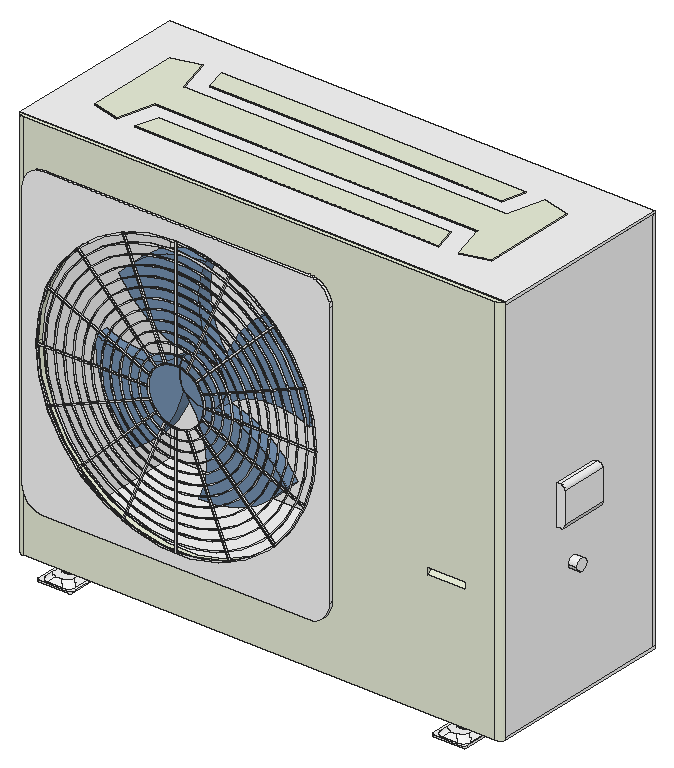
Revit family "MHC-V5(7,9,12,14,16)WD2N8-C", category Mechanical Equipment, Revit 2013
Parameters (values of type "MHC-V16WD2N8-C")
  clearance access right = 500.000 mm
  clearance access left = 500.000 mm
  clearance access front = 1500.000 mm
  clearance access behind = 300.000 mm
  clearance [instance] = no
  Width = 1040.000 mm
  Water piping connections = 31.750 mm
  URL = "https://mbt.midea.com"
  Series = "M thermal Power\r\nM thermal Power\r\nM thermal Power"
  Power supply = "220-240V 1N~50Hz"
  Net Weight = 106.00 kg
  Model = "MHC-V16WD2N8-C"
  Minimum Circuit Amps = 28 A
  Min cable selection (power wiring) = "6mm2"
  Manufacturer = "Midea"
  MOP (Maximum overcurrent protection) = 6 A
  Installation = "Outdoor installation"
  Height = 865.000 mm
  Heating capacity (EWT 40⁰C, LWT 45⁰C) = 16.20 kW
  Heating capacity (EWT 30⁰C, LWT 35⁰C) = 16.00 kW
  Heating Power Input (EWT 40⁰C, LWT 45⁰C) = 4.70 kW
  Heating Power Input (EWT 30⁰C, LWT 35⁰C) = 3.56 kW
  Gas = "R32"
  Description = "Heat pump"
  Depth = 410.000 mm
  Cooling capacity (EWT 23⁰C, LWT 18⁰C) = 15.40 kW
  Cooling capacity (EWT 12⁰C, LWT 7⁰C) = 14.00 kW
  Cooling Power Input(EWT 12⁰C, LWT 7⁰C) = 4.83 kW
  Cooling Power Input (EWT 23⁰C, LWT 18⁰C) = 3.67 kW
  Condensation = "air"
  Compressor = "1"
  Casing color = "SB2403"
  Air Flow = 5200.00 m³/h
Types (7, lengths in mm): name | clearance access front | Water piping connections | Net Weight | Model | Minimum Circuit Amps | Min cable selection (power wiring) | MOP (Maximum overcurrent protection) | Heating capacity (EWT 40⁰C, LWT 45⁰C) | Heating capacity (EWT 30⁰C, LWT 35⁰C) | Heating Power Input (EWT 40⁰C, LWT 45⁰C) | Heating Power Input (EWT 30⁰C, LWT 35⁰C) | Cooling capacity (EWT 23⁰C, LWT 18⁰C) | Cooling capacity (EWT 12⁰C, LWT 7⁰C) | Cooling Power Input(EWT 12⁰C, LWT 7⁰C) | Cooling Power Input (EWT 23⁰C, LWT 18⁰C) | Air Flow
  (no name) | 1500.000 | 31.750 | 106.00 kg | "MHC-V16WD2N8-C" | 28 A | "6mm2" | 6 A | 16.20 kW | 16.00 kW | 4.70 kW | 3.56 kW | 15.40 kW | 14.00 kW | 4.83 kW | 3.67 kW | 5200.00 m³/h
  MHC-V5WD2N8-C | 1000.000 | 25.400 | 87.00 kg | "MHC-V5WD2N8-C" | 13 A | "4mm2" | 4 A | 6.60 kW | 6.50 kW | 1.65 kW | 1.23 kW | 6.50 kW | 5.50 kW | 1.69 kW | 1.28 kW | 3900.00 m³/h
  MHC-V7WD2N8-C | 1000.000 | 25.400 | 87.00 kg | "MHC-V7WD2N8-C" | 14.5 A | "4mm2" | 4 A | 8.50 kW | 8.40 kW | 2.24 kW | 1.66 kW | 8.30 kW | 7.40 kW | 2.53 kW | 1.71 kW | 4500.00 m³/h
  MHC-V9WD2N8-C | 1000.000 | 25.400 | 87.00 kg | "MHC-V9WD2N8-C" | 16 A | "4mm2" | 4 A | 10.20 kW | 10.00 kW | 2.80 kW | 2.22 kW | 10.00 kW | 9.00 kW | 3.10 kW | 2.33 kW | 4500.00 m³/h
  MHC-V12WD2N8-C | 1500.000 | 25.400 | 106.00 kg | "MHC-V12WD2N8-C" | 25 A | "4mm2" | 6 A | 12.50 kW | 12.20 kW | 3.39 kW | 2.49 kW | 12.20 kW | 11.60 kW | 3.74 kW | 2.65 kW | 5200.00 m³/h
  MHC-V14WD2N8-C | 1500.000 | 31.750 | 106.00 kg | "MHC-V14WD2N8-C" | 26.5 A | "6mm2" | 6 A | 14.50 kW | 14.10 kW | 4.09 kW | 3.00 kW | 13.90 kW | 13.40 kW | 4.57 kW | 3.16 kW | 5200.00 m³/h
  MHC-V16WD2N8-C | 1500.000 | 31.750 | 106.00 kg | "MHC-V16WD2N8-C" | 28 A | "6mm2" | 6 A | 16.20 kW | 16.00 kW | 4.70 kW | 3.56 kW | 15.40 kW | 14.00 kW | 4.83 kW | 3.67 kW | 5200.00 m³/h
Reference planes
  plane 1 "Center (Front/Back)": y = 0
  plane 2: z = 0
  plane 3 "Center (Left/Right)": x = 0
  plane 4: y = 214.5
  plane 5: y = -195.5
  plane 6: x = -520
  plane 7: x = 520
  plane 8: z = 865
  plane 9: z = 289.5
  plane 10: z = 408
Forms (mm)
  Extrusion 1, solid, material "Galvanized Steel", detail levels medium+fine
    sketch origin (-463, -26, 789) x (1, 0, 0) y (0, 1, 0)
      loop
        arc (-56.784, -159.5) -> (-50.511, -166.783) -> (-41.292, -169.5) r 17
        line (-41.292, -169.5) -> (967.292, -169.5)
        arc (967.292, -169.5) -> (976.511, -166.783) -> (982.784, -159.5) r 17
        line (982.784, -159.5) -> (-56.784, -159.5)
    from -765 to 76
  Extrusion 2, void
    sketch origin (-50, 0, 40) x (1, 0, 0) y (0, 0, 1)
      loop
        circle (-122.999, 406.499) r 300
    from 185.5 to 195.5
  Extrusion 3, solid, material "Galvanized Steel", detail levels fine
    sketch origin (0, 0, 0) x (1, 0, 0) y (0, 1, 0)
      loop
        line (-436.632, 111.286) -> (-436.632, -88.714) -> (-378.677, -104.243) -> (-357.971, -26.969) -> (-23.528, -26.969) -> (334.444, -26.969) -> (355.149, -104.243) -> (413.105, -88.714) -> (413.105, 111.286) -> (355.149, 126.816) -> (334.444, 49.542) -> (-23.528, 49.542) -> (-357.971, 49.542) -> (-378.677, 126.816) -> (-436.632, 111.286)
      loop
        line (-337.266, 126.816) -> (-324.511, 79.213) -> (-23.528, 79.213) -> (300.983, 79.213) -> (313.738, 126.816) -> (-23.528, 126.816) -> (-337.266, 126.816)
      loop
        line (-337.266, -106.816) -> (-23.528, -106.816) -> (313.738, -106.816) -> (300.983, -59.213) -> (-23.528, -59.213) -> (-324.511, -59.213) -> (-337.266, -106.816)
    from 865 to 867
  Extrusion 4, solid, material "HXL White", detail levels fine
    sketch origin (120, 0, 92.706) x (1, 0, 0) y (0, 0, 1)
      loop
        line (400, 367.163) -> (400, 282.163) -> (410, 282.163)
        arc (410, 282.163) -> (417.071, 285.092) -> (420, 292.163) r 10
        line (420, 292.163) -> (420, 357.163)
        arc (420, 357.163) -> (417.071, 364.234) -> (410, 367.163) r 10
        line (410, 367.163) -> (400, 367.163)
    from -49.542 to 50
  Extrusion 5, void
    sketch origin (0, 0, 0) x (0, 1, 0) y (0, 0, 1)
      loop
        line (-214.5, 305.5) -> (-214.5, 270.5) -> (-179.5, 305.5) -> (-214.5, 305.5)
    from 361 to 443.051
  Extrusion 6, solid, material "HXL White", detail levels fine
    sketch origin (0, 0, -105) x (1, 0, 0) y (0, 0, 1)
      loop
        circle (184.136, 289.5) r 12.5
    from -241.5 to -192.422
  Extrusion 7, solid, material "HXL White", detail levels fine
    sketch origin (500, 500, 0) x (0, -1, 0) y (0, 0, -1)
      loop
        circle (505.866, -289.5) r 12.5
    from 20 to 40
  Extrusion 8, solid, material "HXL White", detail levels fine
    sketch origin (85, 0, -105) x (1, 0, 0) y (0, 0, 1)
      loop
        circle (184.136, 289.5) r 12.5
    from -241.5 to -192.422
  Extrusion 9, solid, material "HXL White", detail levels fine
    sketch origin (399.723, -195.5, 789) x (-1, 0, 0) y (0, 0, -1)
      loop
        arc (856.972, 10.248) -> (890.03, 23.942) -> (903.723, 57) r 46.752
        line (903.723, 57) -> (903.723, 623.497)
        arc (903.723, 623.497) -> (890.03, 656.555) -> (856.972, 670.248) r 46.752
        line (856.972, 670.248) -> (290.475, 670.248)
        arc (290.475, 670.248) -> (257.417, 656.555) -> (243.723, 623.497) r 46.752
        line (243.723, 623.497) -> (243.723, 57)
        arc (243.723, 57) -> (257.417, 23.942) -> (290.475, 10.248) r 46.752
        line (290.475, 10.248) -> (856.972, 10.248)
    from 0 to 5
  Extrusion 10, void
    sketch origin (399.723, -200.5, 789) x (1, 0, 0) y (0, 0, -1)
      loop
        arc (-272.722, 342.5) -> (-572.722, 642.5) -> (-872.722, 342.501) r 300
        arc (-872.722, 342.501) -> (-572.723, 42.501) -> (-272.722, 342.5) r 300
    from 0 to 5
Cuts and joins
  Extrusion 2, Extrusion 5, Extrusion 10 cuts Extrusion 1
  Extrusion 10 cuts Extrusion 9
Lines and regions (mm)
  model lines
    curve 1: line (-520, 214.5, 865) -> (-520, -185.5, 865)
    curve 2: line (520, 214.5, 865) -> (-520, 214.5, 865)
    curve 3: line (520, -185.5, 865) -> (520, 214.5, 865)
    curve 4: line (-520, -185.5, 865) -> (520, -185.5, 865)
    curve 5: line (-520, 214.5, 24) -> (-520, -185.5, 24)
    curve 6: line (520, 214.5, 24) -> (-520, 214.5, 24)
    curve 7: line (520, -185.5, 24) -> (520, 214.5, 24)
    curve 8: line (-520, -185.5, 24) -> (520, -185.5, 24)
    curve 9: line (504, -185.5, 712) -> (504, -185.5, 24)
    curve 10: line (-504, -185.5, 24) -> (-504, -185.5, 712)
    curve 11: line (520, 214.5, 865) -> (520, 214.5, 24)
    curve 12: line (-520, 214.5, 24) -> (-520, 214.5, 865)
Dimensions and locks
  aligned and locked: level to plane 2
Nested families
  nested 1: "pingban-HXL" at (-520, 214.5, 29), type "pingban-HXL", detail levels medium+fine
    with Width 1040.000 mm, Height 831.000 mm, Depth 5.000 mm
  nested 2: "pingban-HXL" at (-520, -185.5, 29) x (0, 1, 0) z (0, 0, 1), type "pingban-HXL", detail levels medium+fine
    with Width 395.000 mm, Height 831.000 mm, Depth 5.000 mm
  nested 3: "pingban-HXL" at (520, 209.5, 29) x (0, -1, 0) z (0, 0, 1), type "pingban-HXL", detail levels medium+fine
    with Width 395.000 mm, Height 831.000 mm, Depth 5.000 mm
  nested 4: "xiaodijia2" at (423, 10, 0), type "xiaodijia2", detail levels medium+fine
  nested 5: "pingban-HXL" at (-520, 214.5, 24), type "pingban-HXL", detail levels medium+fine
    with Width 1040.000 mm, Height 5.000 mm, Depth 400.000 mm
  nested 6: "pingban-HXL" at (-520, 214.5, 860), type "pingban-HXL", detail levels medium+fine
    with Width 1040.000 mm, Height 5.000 mm, Depth 400.000 mm
  nested 7: "service space" at (-520, 214.5, 0), visible <- "clearance", Height <- "Height", type "Midea Service  Space"
    with Width 1040.000 mm, Height 865.000 mm, Depth 300.000 mm
  nested 8: "service space" at (-520, -1695.5, 0), visible <- "clearance", Height <- "Height", type "Midea Service  Space"
    with Width 1040.000 mm, Height 865.000 mm, Depth 1500.000 mm
  nested 9: "fengkou300+" at (-172.999, -202.5, 446.5) x (1, 0, 0) z (0, 1, 0), type "fengkou300+", detail levels medium+fine
  nested 10: "fengshan230" at (-172.999, -130, 446.5) x (-1, 0, 0) z (0, 1, 0), type "fengshan230", detail levels fine
  nested 11: "xiaodijia2" at (-423, 10, 0) x (-1, 0, 0) z (0, 0, 1), type "xiaodijia2", detail levels medium+fine
  nested 12: "service space" at (-1020, -195.5, 0), visible <- "clearance", Height <- "Height", type "Midea Service  Space"
    with Width 500.000 mm, Height 865.000 mm, Depth 410.000 mm
  nested 13: "service space" at (520, -195.5, 0), visible <- "clearance", Height <- "Height", type "Midea Service  Space"
    with Width 500.000 mm, Height 865.000 mm, Depth 410.000 mm
Connectors
  electrical at (540, -0.229, 417.369)
    settings: on Extrusion 4, index 1, voltage 220 V, apparent load 0 VA, apparent load phase1 0 VA, apparent load phase2 0 VA, apparent load phase3 0 VA, power factor 1, load classification "HVAC", number of poles 1, system type 30, power factor state 1, is connector primary yes, connector utility no, sub classification motor no, connector description ""
  piping at (184.136, 241.5, 184.5)
    settings: on Extrusion 6, index 3, connector radius 1/2", flow factor 0, pipe flow 0 GPM, pressure drop 0.00 psi, fitting loss kfactor 0, connector angle 0.00°, fixture units 0, engagement length 0.000 mm, flow configuration 0, flow direction 0, fitting loss method 0, system type 7, joint type 0, gender type 0, connector reference index -1, connector utility 0, adjustable connector no, is connector primary yes, fitting loss table "", connector description "Water piping connections"
  piping at (269.136, 241.5, 184.5)
    settings: on Extrusion 8, index 4, connector radius 1/2", flow factor 0, pipe flow 0 GPM, pressure drop 0.00 psi, fitting loss kfactor 0, connector angle 0.00°, fixture units 0, engagement length 0.000 mm, flow configuration 0, flow direction 0, fitting loss method 0, system type 7, joint type 0, gender type 0, connector reference index -1, connector utility 0, adjustable connector no, is connector primary no, fitting loss table "", connector description "Water piping connections"
Definition of nested family "pingban-HXL"
  Parameters (values of type "pingban-HXL")
    Width [instance] = 65.000 mm
    Series = ""
    Machine material = Midea White
    Installation = ""
    Height [instance] = 100.000 mm
    Gas = ""
    Depth [instance] = 5.000 mm
    Condensation = ""
  Reference planes
    plane 1 "Center (Front/Back)": y = 0
    plane 2: z = 0
    plane 3 "Center (Left/Right)": x = 0
    plane 4: z = 160
    plane 5: x = 65
  Forms (mm)
    Extrusion 1, solid, material "Midea White" <- "Machine material"
      sketch origin (0, 0, 0) x (1, 0, 0) y (0, 0, 1)
        loop
          line (0, 100) -> (0, 0) -> (65, 0) -> (65, 100) -> (0, 100)
      from 0 to 5
  Dimensions and locks
    "Width": Extrusion 1 to plane 3 "Center (Left/Right)"
    "Height": Extrusion 1 to level
    "Depth": Extrusion 1 to plane 1 "Center (Front/Back)"
    aligned and locked: level to plane 2
  Automatic sketch dimensions
    Extrusion 1 sketch curve to plane 3 "Center (Left/Right)" = 0.000 mm
    Extrusion 1 sketch curve to level = 0.000 mm
    Extrusion 1 sketch curve to plane 5 = 0.000 mm
    Extrusion 1 sketch curve to plane 4 = 60.000 mm
Definition of nested family "xiaodijia2"
  Reference planes
    plane 1 "Center (Front/Back)": y = 0
    plane 2: z = 0
    plane 3 "Center (Left/Right)": x = 0
    plane 4: y = 227
    plane 5: x = -36.5
    plane 6: x = 36.5
    plane 7: z = 12
    plane 8: z = 3
    plane 9: z = 24
    plane 10: y = -20
    plane 11: y = 20
    plane 12: x = 21.5
    plane 13: x = -21.5
    plane 14: y = 190
    plane 15: y = -190
    plane 16: x = -6
    plane 17: x = 6
    plane 18: y = -186
    plane 19: y = -194
  Forms (mm)
    Blend 1, solid, material "HXL White"
      base sketch origin (0, 0, 0) x (1, 0, 0) y (0, 1, 0)
        loop
          line (6.5, 212) -> (-6.5, 212)
          arc (-6.5, 212) -> (-17.107, 207.607) -> (-21.5, 197) r 15
          line (-21.5, 197) -> (-21.5, -197)
          arc (-21.5, -197) -> (-17.107, -207.607) -> (-6.5, -212) r 15
          line (-6.5, -212) -> (6.5, -212)
          arc (6.5, -212) -> (17.107, -207.607) -> (21.5, -197) r 15
          line (21.5, -197) -> (21.5, 197)
          arc (21.5, 197) -> (17.107, 207.607) -> (6.5, 212) r 15
      top sketch origin (0, 0, 0) x (1, 0, 0) y (0, 1, 0)
        loop
          line (26.5, 222) -> (-26.5, 222)
          arc (-26.5, 222) -> (-30.036, 220.536) -> (-31.5, 217) r 5
          line (-31.5, 217) -> (-31.5, -207)
          arc (-31.5, -207) -> (-27.107, -217.607) -> (-16.5, -222) r 15
          line (-16.5, -222) -> (16.5, -222)
          arc (16.5, -222) -> (27.107, -217.607) -> (31.5, -207) r 15
          line (31.5, -207) -> (31.5, 217)
          arc (31.5, 217) -> (30.036, 220.536) -> (26.5, 222) r 5
      from 12 to 3
    Blend 2, void
      base sketch origin (0, 0, 0) x (1, 0, 0) y (0, 1, 0)
        loop
          line (6.5, 202) -> (-6.5, 202)
          arc (-6.5, 202) -> (-10.036, 200.536) -> (-11.5, 197) r 5
          line (-11.5, 197) -> (-11.5, -197)
          arc (-11.5, -197) -> (-10.036, -200.536) -> (-6.5, -202) r 5
          line (-6.5, -202) -> (6.5, -202)
          arc (6.5, -202) -> (10.036, -200.536) -> (11.5, -197) r 5
          line (11.5, -197) -> (11.5, 197)
          arc (11.5, 197) -> (10.036, 200.536) -> (6.5, 202) r 5
      top sketch origin (0, 0, 0) x (1, 0, 0) y (0, 1, 0)
        loop
          line (31.5, -207) -> (31.5, 217)
          arc (31.5, 217) -> (30.036, 220.536) -> (26.5, 222) r 5
          line (26.5, 222) -> (-26.5, 222)
          arc (-26.5, 222) -> (-30.036, 220.536) -> (-31.5, 217) r 5
          line (-31.5, 217) -> (-31.5, -207)
          arc (-31.5, -207) -> (-27.107, -217.607) -> (-16.5, -222) r 15
          line (-16.5, -222) -> (16.5, -222)
          arc (16.5, -222) -> (27.107, -217.607) -> (31.5, -207) r 15
      from 8.355 to 3
    Extrusion 3, solid, material "HXL White"
      sketch origin (0, 0, 0) x (1, 0, 0) y (0, 1, 0)
        loop
          arc (-31.5, 227) -> (-35.036, 225.536) -> (-36.5, 222) r 5
          line (-36.5, 222) -> (-36.5, -222)
          arc (-36.5, -222) -> (-35.036, -225.536) -> (-31.5, -227) r 5
          line (-31.5, -227) -> (31.5, -227)
          arc (31.5, -227) -> (35.036, -225.536) -> (36.5, -222) r 5
          line (36.5, -222) -> (36.5, 222)
          arc (36.5, 222) -> (35.036, 225.536) -> (31.5, 227) r 5
          line (31.5, 227) -> (-31.5, 227)
        loop
          arc (-26.5, 222) -> (-30.036, 220.536) -> (-31.5, 217) r 5
          line (-31.5, 217) -> (-31.5, -207)
          arc (-31.5, -207) -> (-27.107, -217.607) -> (-16.5, -222) r 15
          line (-16.5, -222) -> (16.5, -222)
          arc (16.5, -222) -> (27.107, -217.607) -> (31.5, -207) r 15
          line (31.5, -207) -> (31.5, 217)
          arc (31.5, 217) -> (30.036, 220.536) -> (26.5, 222) r 5
          line (26.5, 222) -> (-26.5, 222)
      from 0 to 3
    Extrusion 4, solid, material "HXL White"
      sketch origin (0, 0, 0) x (0, 1, 0) y (0, 0, 1)
        loop
          arc (-19.275, 24) -> (-19.902, 23.667) -> (-20.264, 23.056) r 1.312
          line (-20.264, 23.056) -> (-22.833, 13.434)
          arc (-22.833, 13.434) -> (-23.437, 12.605) -> (-24.266, 12) r 3.318
          line (-24.266, 12) -> (24.266, 12)
          arc (24.266, 12) -> (23.437, 12.605) -> (22.833, 13.434) r 3.318
          line (22.833, 13.434) -> (20.264, 23.056)
          arc (20.264, 23.056) -> (19.902, 23.667) -> (19.275, 24) r 1.312
          line (19.275, 24) -> (-19.275, 24)
      from -21.5 to 21.5
    Extrusion 5, solid, material "HXL White"
      sketch origin (0, 150, 0) x (0, 1, 0) y (0, 0, 1)
        loop
          arc (-19.275, 24) -> (-19.902, 23.667) -> (-20.264, 23.056) r 1.312
          line (-20.264, 23.056) -> (-22.833, 13.434)
          arc (-22.833, 13.434) -> (-23.437, 12.605) -> (-24.266, 12) r 3.318
          line (-24.266, 12) -> (24.266, 12)
          arc (24.266, 12) -> (23.437, 12.605) -> (22.833, 13.434) r 3.318
          line (22.833, 13.434) -> (20.264, 23.056)
          arc (20.264, 23.056) -> (19.902, 23.667) -> (19.275, 24) r 1.312
          line (19.275, 24) -> (-19.275, 24)
      from -21.5 to 21.5
    Extrusion 6, solid, material "HXL White"
      sketch origin (0, -150, 0) x (0, 1, 0) y (0, 0, 1)
        loop
          arc (-19.275, 24) -> (-19.902, 23.667) -> (-20.264, 23.056) r 1.312
          line (-20.264, 23.056) -> (-22.833, 13.434)
          arc (-22.833, 13.434) -> (-23.437, 12.605) -> (-24.266, 12) r 3.318
          line (-24.266, 12) -> (24.266, 12)
          arc (24.266, 12) -> (23.437, 12.605) -> (22.833, 13.434) r 3.318
          line (22.833, 13.434) -> (20.264, 23.056)
          arc (20.264, 23.056) -> (19.902, 23.667) -> (19.275, 24) r 1.312
          line (19.275, 24) -> (-19.275, 24)
      from -21.5 to 21.5
    Extrusion 7, void
      sketch origin (0, 0, 0) x (1, 0, 0) y (0, 1, 0)
        loop
          arc (-6, -186) -> (-10, -190) -> (-6, -194) r 4
          line (-6, -194) -> (6, -194)
          arc (6, -194) -> (10, -190) -> (6, -186) r 4
          line (6, -186) -> (-6, -186)
        loop
          line (-6, 186) -> (6, 186)
          arc (6, 186) -> (10, 190) -> (6, 194) r 4
          line (6, 194) -> (-6, 194)
          arc (-6, 194) -> (-10, 190) -> (-6, 186) r 4
      from 0 to 20
  Cuts and joins
    Blend 2, Extrusion 7 cuts Blend 1
  Dimensions and locks
    aligned and locked: level to plane 2
Definition of nested family "service space"
  Parameters (values of type "Midea Service  Space")
    Width [instance] = 500.000 mm
    Height [instance] = 500.000 mm
    Depth [instance] = 500.000 mm
  Reference planes
    plane 1 "Center (Front/Back)": y = 0
    plane 2: z = 0
    plane 3 "Center (Left/Right)": x = 0
    plane 4: z = 500
    plane 5: y = 500
    plane 6: x = 500
  Forms (mm)
    Extrusion 1, solid, material "Midea Service Space-HDY"
      sketch origin (0, 0, 0) x (1, 0, 0) y (0, 1, 0)
        loop
          line (0, 500) -> (0, 0) -> (500, 0) -> (500, 500) -> (0, 500)
      from 0 to 500
  Dimensions and locks
    "Width": plane 3 "Center (Left/Right)" to plane 6
    "Depth": plane 5 to plane 1 "Center (Front/Back)"
    "Height": level to plane 4
    aligned and locked: level to plane 2
    aligned and locked: plane 5 to Extrusion 1
    aligned and locked: Extrusion 1 to plane 6
    aligned and locked: Extrusion 1 to plane 3 "Center (Left/Right)"
    aligned and locked: plane 1 "Center (Front/Back)" to Extrusion 1
    aligned and locked: Extrusion 1 to plane 4
  Automatic sketch dimensions
    Extrusion 1 sketch curve to plane 3 "Center (Left/Right)" = 0.000 mm
    plane 1 "Center (Front/Back)" to Extrusion 1 sketch curve = 0.000 mm
    Extrusion 1 sketch curve to plane 6 = 0.000 mm
    Extrusion 1 sketch curve to plane 5 = 0.000 mm
Definition of nested family "fengkou300+"
  Parameters (values of type "fengkou300+")
    Series = ""
    Machine material = Midea White
    Installation = ""
    Gas = ""
    Condensation = ""
  Reference planes
    plane 1 "Center (Front/Back)": y = 0
    plane 2: z = 0
    plane 3 "Center (Left/Right)": x = 0
  Forms (mm)
    Extrusion 1, solid, material "Midea White" <- "Machine material"
      sketch origin (0, 0, 0) x (1, 0, 0) y (0, 1, 0)
        loop
          circle (0, 0) r 60
        loop
          circle (0, 0) r 61
        loop
          circle (0, 0) r 80
        loop
          circle (0, 0) r 81
        loop
          circle (0, 0) r 100
        loop
          circle (0, 0) r 101
        loop
          circle (0, 0) r 120
        loop
          circle (0, 0) r 121
        loop
          circle (0, 0) r 140
        loop
          circle (0, 0) r 141
        loop
          circle (0, 0) r 160
        loop
          circle (0, 0) r 161
        loop
          circle (0, 0) r 180
        loop
          circle (0, 0) r 181
        loop
          circle (0, 0) r 200
        loop
          circle (0, 0) r 201
        loop
          circle (0, 0) r 220
        loop
          circle (0, 0) r 221
        loop
          circle (0, 0) r 240
        loop
          circle (0, 0) r 241
        loop
          circle (0, 0) r 260
        loop
          circle (0, 0) r 261
        loop
          circle (0, 0) r 300
        loop
          circle (0, 0) r 298
        loop
          circle (0, 0) r 280
        loop
          circle (0, 0) r 282
      from 0 to 2
    Extrusion 2, solid, material "Midea White" <- "Machine material"
      sketch origin (0, 0, 0) x (1, 0, 0) y (0, 1, 0)
        loop
          line (112.868, 276.414) -> (21.566, 55.993) -> (24.338, 54.845) -> (115.639, 275.266) -> (112.868, 276.414)
        loop
          line (-115.892, -275.873) -> (-113.121, -277.021) -> (-21.566, -55.988) -> (-24.338, -54.84) -> (-115.892, -275.873)
        loop
          line (276.767, -113.015) -> (55.991, -21.567) -> (54.843, -24.338) -> (275.619, -115.787) -> (276.767, -113.015)
        loop
          line (-275.322, 115.668) -> (-276.47, 112.896) -> (-55.987, 21.569) -> (-54.839, 24.341) -> (-275.322, 115.668)
        loop
          line (274.833, 115.468) -> (54.841, 24.344) -> (55.989, 21.572) -> (275.981, 112.696) -> (274.833, 115.468)
        loop
          line (-276.35, -112.845) -> (-275.202, -115.616) -> (-54.841, -24.339) -> (-55.989, -21.568) -> (-276.35, -112.845)
        loop
          line (115.817, -275.686) -> (24.34, -54.841) -> (21.569, -55.989) -> (113.046, -276.834) -> (115.817, -275.686)
        loop
          line (-112.949, 276.604) -> (-115.72, 275.456) -> (-24.339, 54.842) -> (-21.567, 55.99) -> (-112.949, 276.604)
        loop
          line (210.396, 212.522) -> (41.351, 43.478) -> (43.472, 41.356) -> (212.517, 210.401) -> (210.396, 212.522)
        loop
          line (-212.076, -209.955) -> (-209.954, -212.076) -> (-41.351, -43.473) -> (-43.472, -41.352) -> (-212.076, -209.955)
        loop
          line (212.134, -210.01) -> (43.475, -41.352) -> (41.354, -43.473) -> (210.012, -212.132) -> (212.134, -210.01)
        loop
          line (-209.969, 212.093) -> (-212.09, 209.971) -> (-43.472, 41.353) -> (-41.351, 43.474) -> (-209.969, 212.093)
        loop
          line (298.287, 1.504) -> (59.981, 1.504) -> (59.981, -1.496) -> (298.287, -1.496) -> (298.287, 1.504)
        loop
          line (-298.652, 1.5) -> (-298.652, -1.5) -> (-59.981, -1.5) -> (-59.981, 1.5) -> (-298.652, 1.5)
        loop
          line (1.5, -298.432) -> (1.5, -59.981) -> (-1.5, -59.981) -> (-1.5, -298.432) -> (1.5, -298.432)
        loop
          line (1.5, 298.807) -> (-1.5, 298.807) -> (-1.5, 59.981) -> (1.5, 59.981) -> (1.5, 298.807)
      from 0 to 2
  Dimensions and locks
    aligned and locked: level to plane 2
Definition of nested family "fengshan230"
  Reference planes
    plane 1 "Center (Front/Back)": y = 0
    plane 2: z = 0
    plane 3 "Center (Left/Right)": x = 0
  Forms (mm)
    Extrusion 1, solid, material "Midea Dark Blue"
      sketch origin (0, 0, 0) x (1, 0, 0) y (0, 1, 0)
        loop
          circle (0, 0) r 50
      from 0 to 30
    Extrusion 2, solid, material "Midea Dark Blue"
      sketch origin (-20, 0, 0) x (0, -1, 0) y (1, 0, 0)
        loop
          arc (32.105, 288.084) -> (-94.042, 273.093) -> (-199.371, 202.075) r 270
          arc (-199.371, 202.075) -> (-134.798, 110.882) -> (-35, 60.622) r 231.205
          arc (-35, 60.622) -> (0, 70) -> (35, 60.622) r 70
          arc (35, 60.622) -> (-8.793, 173.814) -> (32.105, 288.084) r 173.918
      from 0 to 30
    Extrusion 3, solid, material "Midea Dark Blue"
      sketch origin (20, 0, 0) x (0, 1, 0) y (-1, 0, 0)
        loop
          arc (32.105, 288.084) -> (-94.042, 273.093) -> (-199.371, 202.075) r 270
          arc (-199.371, 202.075) -> (-134.798, 110.882) -> (-35, 60.622) r 231.205
          arc (-35, 60.622) -> (0, 70) -> (35, 60.622) r 70
          arc (35, 60.622) -> (-8.793, 173.814) -> (32.105, 288.084) r 173.918
      from 0 to 30
    Extrusion 4, solid, material "Midea Dark Blue"
      sketch origin (0, 0, 0) x (1, 0, 0) y (0, 1, 0)
        loop
          arc (32.105, 268.084) -> (-94.042, 253.093) -> (-199.371, 182.075) r 270
          arc (-199.371, 182.075) -> (-134.798, 90.882) -> (-35, 40.622) r 231.205
          arc (-35, 40.622) -> (0, 50) -> (35, 40.622) r 70
          arc (35, 40.622) -> (-8.793, 153.814) -> (32.105, 268.084) r 173.918
        loop
          arc (199.371, -182.075) -> (134.798, -90.882) -> (35, -40.622) r 231.205
          arc (35, -40.622) -> (0, -50) -> (-35, -40.622) r 70
          arc (-35, -40.622) -> (8.793, -153.814) -> (-32.105, -268.084) r 173.918
          arc (-32.105, -268.084) -> (94.042, -253.093) -> (199.371, -182.075) r 270
      from 0 to 30
    Extrusion 5, void
      sketch origin (0, 0, 0) x (1, 0, 0) y (0, 1, 0)
        loop
          circle (0, 0) r 230
        loop
          circle (0, 0) r 360
      from 0 to 250
  Cuts and joins
    Extrusion 5 cuts Extrusion 2
    Extrusion 5 cuts Extrusion 3
    Extrusion 5 cuts Extrusion 4
  Dimensions and locks
    aligned and locked: level to plane 2
